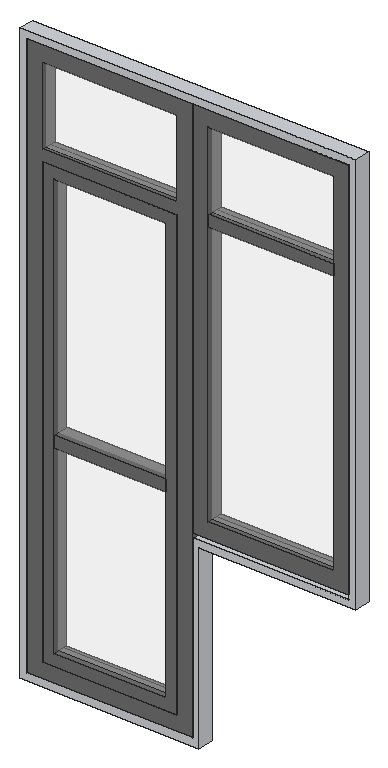
Revit family "AVLN_Балконный блок_Правый_Одностворчатый Фрамуга", category Окна, Revit 2021 (continued)
Definition of nested family "AVLN_Откосы_R19"
  Nested families
    nested 3: "Откос_R19" at (0, 100, 377.189), ADSK_Размер_Глубина <- "Глубина", built-in parameter 1001364 <- "Высота от уровня", ADSK_Группирование <- "ADSK_Группирование", ADSK_Номер секции <- "ADSK_Номер секции", ADSK_Этаж <- "ADSK_Этаж", visible <- "Видимость_3", Видимость <- "Видимость_3", Материал <- "Материал_3", ADSK_Размер_Высота <- "Высота_3", ADSK_Размер_Толщина <- "Толщина_3", ADSK_Размер_Ширина <- "Ширина_3", Отступ_Л <- "Отступ_Л", Отступ_П <- "Отступ_П", type "Откос_R19"
      with Площадь 0.7904 m², Отступ_П 0 mm, Отступ_Л 0 mm, Материал none, Видимость yes, ADSK_Этаж "", ADSK_Размер_Ширина 976 mm, ADSK_Размер_Толщина 12 mm, ADSK_Размер_Глубина 200 mm, ADSK_Размер_Высота 1488 mm, ADSK_Номер секции "", ADSK_Группирование ""
    nested 4: "Откос_R19" at (0, 100, 377.189), ADSK_Размер_Глубина <- "Глубина", built-in parameter 1001364 <- "Высота от уровня", ADSK_Группирование <- "ADSK_Группирование", ADSK_Номер секции <- "ADSK_Номер секции", ADSK_Этаж <- "ADSK_Этаж", visible <- "Видимость_4", Видимость <- "Видимость_4", Материал <- "Материал_4", ADSK_Размер_Высота <- "Высота_4", ADSK_Размер_Толщина <- "Толщина_4", ADSK_Размер_Ширина <- "Ширина_4", Отступ_Л <- "Отступ_Л", Отступ_П <- "Отступ_П", type "Откос_R19"
      with Площадь 0.7808 m², Отступ_П 0 mm, Отступ_Л 0 mm, Материал none, Видимость yes, ADSK_Этаж "", ADSK_Размер_Ширина 952 mm, ADSK_Размер_Толщина 16 mm, ADSK_Размер_Глубина 200 mm, ADSK_Размер_Высота 1476 mm, ADSK_Номер секции "", ADSK_Группирование ""
    nested 5: "Откос_R19" at (0, 100, 377.189), ADSK_Размер_Глубина <- "Глубина", built-in parameter 1001364 <- "Высота от уровня", ADSK_Группирование <- "ADSK_Группирование", ADSK_Номер секции <- "ADSK_Номер секции", ADSK_Этаж <- "ADSK_Этаж", visible <- "Видимость_5", Видимость <- "Видимость_5", Материал <- "Материал_5", ADSK_Размер_Высота <- "Высота_5", ADSK_Размер_Толщина <- "Толщина_5", ADSK_Размер_Ширина <- "Ширина_5", Отступ_Л <- "Отступ_Л", Отступ_П <- "Отступ_П", type "Откос_R19"
      with Площадь 0.768 m², Отступ_П 0 mm, Отступ_Л 0 mm, Материал none, Видимость yes, ADSK_Этаж "", ADSK_Размер_Ширина 920 mm, ADSK_Размер_Толщина 20 mm, ADSK_Размер_Глубина 200 mm, ADSK_Размер_Высота 1460 mm, ADSK_Номер секции "", ADSK_Группирование ""
    nested 6: "Откос_R19" at (0, 100, 377.189), ADSK_Размер_Глубина <- "Глубина", built-in parameter 1001364 <- "Высота от уровня", ADSK_Группирование <- "ADSK_Группирование", ADSK_Номер секции <- "ADSK_Номер секции", ADSK_Этаж <- "ADSK_Этаж", visible <- "Видимость_6", Видимость <- "Видимость_6", Материал <- "Материал_6", ADSK_Размер_Высота <- "Высота_6", ADSK_Размер_Толщина <- "Толщина_6", ADSK_Размер_Ширина <- "Ширина_6", Отступ_Л <- "Отступ_Л", Отступ_П <- "Отступ_П", type "Откос_R19"
      with Площадь 0.752 m², Отступ_П 0 mm, Отступ_Л 0 mm, Материал none, Видимость yes, ADSK_Этаж "", ADSK_Размер_Ширина 880 mm, ADSK_Размер_Толщина 24 mm, ADSK_Размер_Глубина 200 mm, ADSK_Размер_Высота 1440 mm, ADSK_Номер секции "", ADSK_Группирование ""
    nested 7: "Откос_R19" at (0, 100, 377.189), ADSK_Размер_Глубина <- "Глубина", built-in parameter 1001364 <- "Высота от уровня", ADSK_Группирование <- "ADSK_Группирование", ADSK_Номер секции <- "ADSK_Номер секции", ADSK_Этаж <- "ADSK_Этаж", visible <- "Видимость_7", Видимость <- "Видимость_7", Материал <- "Материал_7", ADSK_Размер_Высота <- "Высота_7", ADSK_Размер_Толщина <- "Толщина_7", ADSK_Размер_Ширина <- "Ширина_7", Отступ_Л <- "Отступ_Л", Отступ_П <- "Отступ_П", type "Откос_R19"
      with Площадь 0.7328 m², Отступ_П 0 mm, Отступ_Л 0 mm, Материал none, Видимость yes, ADSK_Этаж "", ADSK_Размер_Ширина 832 mm, ADSK_Размер_Толщина 28 mm, ADSK_Размер_Глубина 200 mm, ADSK_Размер_Высота 1416 mm, ADSK_Номер секции "", ADSK_Группирование ""
    nested 8: "Откос_R19" at (0, 100, 377.189), ADSK_Размер_Глубина <- "Глубина", built-in parameter 1001364 <- "Высота от уровня", ADSK_Группирование <- "ADSK_Группирование", ADSK_Номер секции <- "ADSK_Номер секции", ADSK_Этаж <- "ADSK_Этаж", visible <- "Видимость_8", Видимость <- "Видимость_8", Материал <- "Материал_8", ADSK_Размер_Высота <- "Высота_8", ADSK_Размер_Толщина <- "Толщина_8", ADSK_Размер_Ширина <- "Ширина_8", Отступ_Л <- "Отступ_Л", Отступ_П <- "Отступ_П", type "Откос_R19"
      with Площадь 0.7104 m², Отступ_П 0 mm, Отступ_Л 0 mm, Материал none, Видимость yes, ADSK_Этаж "", ADSK_Размер_Ширина 776 mm, ADSK_Размер_Толщина 32 mm, ADSK_Размер_Глубина 200 mm, ADSK_Размер_Высота 1388 mm, ADSK_Номер секции "", ADSK_Группирование ""
  Definition of nested family "Откос_R19"
    Parameters (values of type "Откос_R19")
      Площадь [instance] = (ADSK_Размер_Ширина + 2 * ADSK_Размер_Высота) * ADSK_Размер_Глубина  # 2.93564 m²
      Отступ_П [instance] = 0 mm
      Отступ_Л [instance] = 0 mm
      Материал [instance] = none
      Model = "Внутренний слой откоса"  # constant formula
      Видимость [instance] = yes
      ADSK_Этаж [instance] = ""
      ADSK_Размер_Ширина [instance] = 1880 mm
      ADSK_Размер_Толщина [instance] = 164.158 mm
      ADSK_Размер_Глубина [instance] = 560 mm
      ADSK_Размер_Высота [instance] = 1681.106 mm
      ADSK_Примечание = ""
      ADSK_Обозначение = ""
      ADSK_Номер секции [instance] = ""
      ADSK_Наименование = ""
      ADSK_Марка = ""
      ADSK_Группирование [instance] = ""
    Reference planes
      plane 1 "По центру (Вперед/Назад)": y = 0
      plane 2: z = 0
      plane 3 "По центру (Влево/Вправо)": x = 0
      plane 4: x = -940
      plane 5: x = 940
      plane 6: y = 280
      plane 7: y = -280
      plane 8: x = -775.842
      plane 9: z = 1681.106
      plane 10: z = 0
      plane 11: z = 0
    Forms (mm)
      Sweep 1, solid, material <- "Материал", visible <- "Видимость"
        path origin (0, 0, 0) x (1, 0, 0) y (0, 0, 1)
          loop
            line (940, 0) -> (940, 1681.106) -> (-940, 1681.106) -> (-940, 0)
        profile origin (-940, 0, 840.553) x (0, -1, 0) y (1, 0, 0)
          loop
            line (-280, 0) -> (280, 0) -> (280, 164.158) -> (-280, 164.158) -> (-280, 0)
    Dimensions and locks
      equal spacing: plane 6, plane 1 "По центру (Вперед/Назад)", plane 7
      equal spacing: plane 4, plane 3 "По центру (Влево/Вправо)", plane 5
      "ADSK_Размер_Толщина": plane 4 to plane 8
      "ADSK_Размер_Глубина": plane 6 to plane 7
      "ADSK_Размер_Высота": plane 9 to level
      "ADSK_Размер_Ширина": plane 5 to plane 4
      "Отступ_Л": plane 10 to level
      "Отступ_П": plane 11 to level
      aligned and locked: level to plane 2
      aligned and locked: Sweep 1 sketch curve to plane 4
      aligned and locked: Sweep 1 sketch curve to plane 9
      aligned and locked: Sweep 1 sketch curve to plane 5
      aligned and locked: plane 6 to Sweep 1 sketch curve
      aligned and locked: profile plane to Sweep 1 sketch curve
      aligned and locked: Sweep 1 sketch curve to plane 7
      aligned and locked: plane 8 to Sweep 1 sketch curve
      aligned and locked: plane 10 to Sweep 1 sketch curve
      aligned and locked: plane 11 to Sweep 1 sketch curve
Definition of nested family "АС-Обозначение на плане двупольная"
  Parameters (values of type "АС-Стандарт")
    Открывание двери 90 = not(Открывание двери 30)  # no
    Открывание двери 30 = yes
    Монтажный зазор.Ширина сбоку [instance] = 20 mm
    Линия открывания (дуга) = not(Открывание двери 30)  # no
    Коробка.Ширина [instance] = 40 mm
    Коробка.Толщина [instance] = 80 mm
    Width [instance] = Rough Width + Коробка.Ширина + Монтажный зазор.Ширина сбоку  # 960 mm
    Thickness [instance] = 40 mm
    Rough Width [instance] = 900 mm
    Height [instance] = 2100 mm
    Default Elevation = 0 mm
    Analytic Construction = "<Нет>"
  Reference planes
    plane 1 "Center (Front/Back)": y = 0
    plane 2: z = 0
    plane 3 "Center (Left/Right)": x = 0
    plane 4 "Полотно справа": x = -20
    plane 5 "Полотно. Внутренняя сторона": y = -40
    plane 6 "Коробка. Внутренняя сторона": y = -80
    plane 7 "Коробка.Внутренняя сторона слева": x = -960
    plane 8 "Коробка. Внутренняя сторона справа": x = -60
  Lines and regions (mm)
    Masking region 1, detail levels fine
      outline origin (0, 0, 0) x (1, 0, 0) y (0, 1, 0)
        loop
          line (0, -80) -> (0, 0) -> (-20, 0) -> (-20, -80) -> (0, -80)
    Masking region 2, detail levels fine
      outline origin (0, 0, 0) x (1, 0, 0) y (0, 1, 0)
        loop
          line (-20, 0) -> (-60, 0) -> (-60, -40) -> (-70, -40) -> (-70, -80) -> (-20, -80) -> (-20, 0)
    Masking region 3, visible <- "Открывание двери 90", detail levels fine
      outline origin (0, 0, 0) x (1, 0, 0) y (0, 1, 0)
        loop
          line (-60, 0) -> (-60, 900) -> (-100, 900) -> (-100, 0) -> (-60, 0)
    Masking region 4, visible <- "Открывание двери 30", detail levels fine
      outline origin (0, 0, 0) x (1, 0, 0) y (0, 1, 0)
        loop
          line (-60, 0) -> (-839.423, 450) -> (-859.423, 415.359) -> (-80, -34.641) -> (-60, 0)
    symbolic lines, visible <- "Открывание двери 30", detail levels coarse+medium
      curve 1: line (0, 0, 0) -> (-831.384, 480, 0)
    symbolic lines, visible <- "Открывание двери 90", detail levels coarse+medium
      curve 2: line (0, 0, 0) -> (0, 960, 0)
    symbolic lines, visible <- "Линия открывания (дуга)", detail levels coarse+medium
      curve 3: arc (0, 960, 0) -> (-678.823, 678.823, 0) -> (-960, 0, 0) r 960
    symbolic lines, visible <- "Линия открывания (дуга)", detail levels fine
      curve 4: arc (-960, 0, 0) -> (-696.396, 636.396, 0) -> (-60, 900, 0) r 900
    model lines
      curve 5: line (0, 0, 0) -> (0, 0, 2100)
  Dimensions and locks
    "Thickness": plane 1 "Center (Front/Back)" to plane 5 "Полотно. Внутренняя сторона"
    plane 1 "Center (Front/Back)" to plane 6 "Коробка. Внутренняя сторона" = 80 mm
    "Коробка.Толщина": plane 6 "Коробка. Внутренняя сторона" to plane 1 "Center (Front/Back)"
    "Rough Width": plane 7 "Коробка.Внутренняя сторона слева" to plane 8 "Коробка. Внутренняя сторона справа"
    "Width": curve 1 to curve 1
    "Width": plane 1 "Center (Front/Back)" to curve 2
    locked: Masking region 2 sketch curve to Masking region 2 sketch curve at 10
    "Rough Width": plane 1 "Center (Front/Back)" to Masking region 3 sketch curve
    "Thickness": Masking region 3 sketch curve to plane 8 "Коробка. Внутренняя сторона справа"
    "Rough Width": Masking region 4 sketch curve to Masking region 4 sketch curve
    "Thickness": Masking region 4 sketch curve to Masking region 4 sketch curve
    "Height": curve 5 to level
    "Монтажный зазор.Ширина сбоку": plane 4 "Полотно справа" to plane 3 "Center (Left/Right)"
    "Коробка.Ширина": plane 8 "Коробка. Внутренняя сторона справа" to plane 4 "Полотно справа"
    "Width": radius of curve 3
    "Rough Width": radius of curve 4
    locked: curve 1 to plane 1 "Center (Front/Back)" (angle 30.00°)
    locked: Masking region 4 sketch curve to plane 1 "Center (Front/Back)" (angle 30.00°)
    aligned and locked: level to plane 2
    aligned and locked: plane 1 "Center (Front/Back)" to curve 2
    aligned and locked: plane 6 "Коробка. Внутренняя сторона" to Masking region 1 sketch curve
    aligned and locked: plane 1 "Center (Front/Back)" to Masking region 1 sketch curve
    aligned and locked: plane 4 "Полотно справа" to Masking region 1 sketch curve
    aligned and locked: Masking region 2 sketch curve to plane 4 "Полотно справа"
    aligned and locked: Masking region 2 sketch curve to plane 8 "Коробка. Внутренняя сторона справа"
    aligned and locked: Masking region 2 sketch curve to plane 6 "Коробка. Внутренняя сторона"
    aligned and locked: Masking region 2 sketch curve to plane 5 "Полотно. Внутренняя сторона"
    aligned and locked: Masking region 2 sketch curve to plane 1 "Center (Front/Back)"
    aligned and locked: plane 8 "Коробка. Внутренняя сторона справа" to curve 4
    aligned and locked: Masking region 2 to Masking region 3 sketch curve
    aligned and locked: Masking region 3 sketch curve to Masking region 2
    aligned and locked: plane 8 "Коробка. Внутренняя сторона справа" to Masking region 4 sketch curve
    aligned and locked: plane 2 to curve 5
    aligned and locked: plane 3 "Center (Left/Right)" to curve 5
    aligned and locked: Masking region 1 sketch curve to plane 3 "Center (Left/Right)"
    aligned and locked: plane 3 "Center (Left/Right)" to curve 2
  Automatic sketch dimensions
    plane 1 "Center (Front/Back)" to Masking region 4 sketch curve = 0 mm
Definition of nested family "AVLN_Обозначение проема"
  Parameters (values of type "AVLN_Обозначение проема")
    Длина [instance] = 200 mm
    ADSK_Размер_Ширина [instance] = 1200 mm
    ADSK_Размер_Высота [instance] = 1800 mm
  Reference planes
    plane 1 "По центру (Вперед/Назад)": y = 0
    plane 2: z = 0
    plane 3 "По центру (Влево/Вправо)": x = 0
    plane 4: y = 900
    plane 5: y = -900
    plane 6: x = 600
    plane 7: x = -600
    plane 8: x = -400
    plane 9: y = 700
  Lines and regions (mm)
    Masking region 1, in view "Опорный уровень"
      outline origin (0, 0, 0) x (1, 0, 0) y (0, 1, 0)
        loop
          line (600, 900) -> (-400, 700) -> (-600, -900) -> (600, -900) -> (600, 900)
    Filled region 1, type "Сплошная заливка - Черный", in view "Опорный уровень"
      outline origin (0, 0, 0) x (1, 0, 0) y (0, 1, 0)
        loop
          line (600, 900) -> (-600, 900) -> (-600, -900) -> (-400, 700) -> (600, 900)
  Dimensions and locks
    equal spacing: plane 4, plane 1 "По центру (Вперед/Назад)", plane 5
    equal spacing: plane 7, plane 3 "По центру (Влево/Вправо)", plane 6
    "ADSK_Размер_Высота": plane 4 to plane 5
    "ADSK_Размер_Ширина": plane 7 to plane 6
    "Длина": plane 7 to plane 8
    "Длина": plane 4 to plane 9
    aligned and locked: plane 6 to Masking region 1 sketch curve
    aligned and locked: Masking region 1 sketch curve to plane 5
    aligned and locked: plane 4 to Filled region 1 sketch curve
    aligned and locked: Filled region 1 sketch curve to plane 7
    aligned and locked: plane 5 to Filled region 1 sketch curve
    aligned and locked: Masking region 1 sketch curve to Filled region 1  (x2)
    aligned and locked: plane 8 to Filled region 1 sketch curve
    aligned and locked: plane 9 to Filled region 1 sketch curve
  Automatic sketch dimensions
    Filled region 1 sketch curve to plane 6 = 0 mm
Types (2, lengths in mm): name | Ширина окна | Rough Width | Подоконник_Длина | Отступ.доп.части_Н | Отступ.доп.части_В | Отлив_Длина | Откос_Н.Ширина | Окно_Ширина | Width | АВЛН_Площаль откосов наружных | АВЛН_Площаль откосов внутренних | ADSK_Размер_Ширина | ADSK_Площадь | ADSK_Наименование | ADSK_Марка
  1500 | 700 | 1440 | 730 | 750 | 780 | 680 | 1400 | 560 | 1500 | 1.005 m² | 1.206 m² | 1500 | 3.568 m² | "БП Б1 1440-2540" | "ДБ-4Л"
  2000 | 1200 | 1940 | 1230 | 1250 | 1280 | 1180 | 1900 | 1060 | 2000 | 1.08 m² | 1.296 m² | 2000 | 4.468 m² | "БП Б1 1940-2540" | "ДБ-3Л"
